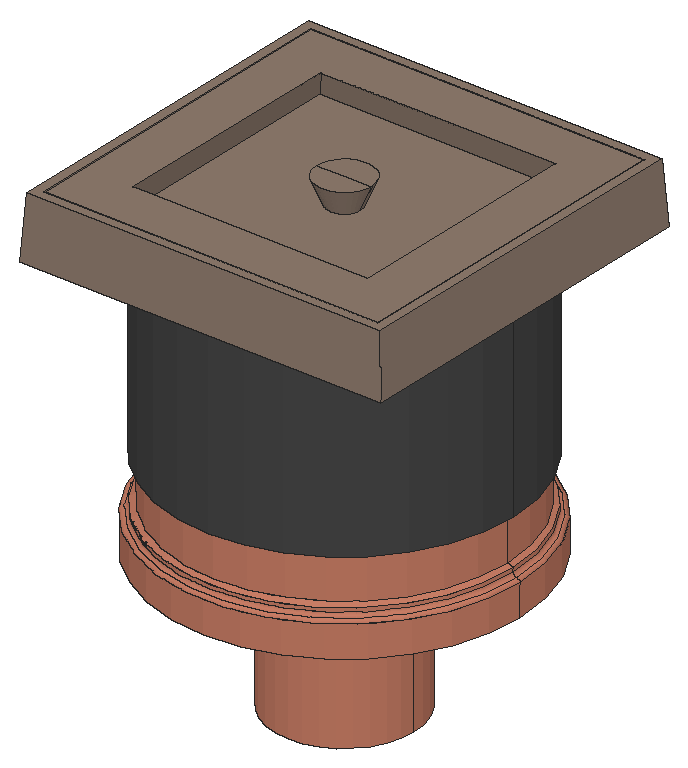
Revit family
Parameters (values of type "4200S02")
  Weight (lb) = 9.73
  Warranty = "1 year material and workmanship"  # constant formula
  URL = "http://www.jrsmith.com"
  Technical and Installation = "http://www.jrsmith.com/products/cleanout/tech_data_index.htm"
  SmartBIM Object Version = 3  # constant formula
  SmartBIM Object Created By = "Reed Construction Data"  # constant formula
  Product URL = "http://www.jrsmith.com/products/cleanout/submittal/d4200.pdf"
  Pipe Radius = Pipe Diameter / 2  # 1"
  Pipe Diameter = 2"
  OmniClass Title = "Facility Drainage Piping Cleanouts"  # constant formula
  OmniClass Code = "22-22 13 19 13"  # constant formula
  No Hub = yes
  Model = "4200"  # constant formula
  Material Finish = Duco Coated
  Material = Cast Iron
  Manufacturer = "Jay R. Smith Mfg. Co. "  # constant formula
  Floor Offset = 0"
  Description = "Duco cast iron cleanout with square adjustable secured nickel flashing flange"  # constant formula
  Default Elevation = 0"
  Connection Type = ""
  Assembly Code = "D2030400"
  Adjustable Height = 3 3/16"
  95 CSI = "15155"  # constant formula
  04 CSI = "22 13 19"  # constant formula
Types (4): name | Weight (lb) | Pipe Radius | Pipe Diameter
  4200S03 | 9.45 | 1 1/2" | 3"
  4200S02 | 9.73 | 1" | 2"
  4200S04 | 9.21 | 2" | 4"
  4200S05 | 8.94 | 2 1/2" | 5"
Reference planes (in)
  plane 1 "Center (Front/Back)": y = 0.875
  plane 2: z = 0
  plane 3 "Center (Left/Right)": x = 0
Text (in)
  text "Jay R. Smith Mfg. Co." at (-5.33957, 0, -12.84161), in view "Front"
Dimensions and locks (in)
  "Floor Offset": level to nested 1
  aligned and locked: plane 1 "Center (Front/Back)" to nested 1
Nested families (in)
  nested 1: "4200" at (0, 0, -0.05779), type "3" Diameter Outlet"
    with Floor Offset 0", Adjustable Height 3 3/16"
Connectors (in)
  piping at (0, 0.875, -8.03512), driven by "Pipe Radius"
    settings: on nested 1, index 1
Definition of nested family "4200"
  Parameters (values of type "3" Diameter Outlet")
    Weight (lb) = 0
    Warranty = "1 year material and workmanship"  # constant formula
    URL = "http://www.jrsmith.com"
    Technical and Installation = "http://www.jrsmith.com/products/floor/tech_data_index.htm"
    SmartBIM Object Version = 3  # constant formula
    SmartBIM Object Created By = "Reed Construction Data"  # constant formula
    Product URL = "http://www.jrsmith.com/products/floor/submittal/d2710.pdf"
    Pipe Radius = Pipe Diameter / 2  # 1"
    Pipe Diameter = 2"
    Pipe = Copper Satin
    OmniClass Title = "Sanitary Drains"  # constant formula
    OmniClass Code = "22-22 13 19 13"  # constant formula
    Model = "2810"  # constant formula
    Material Finish = Duco Coated
    Material = Cast Iron
    Manufacturer = "Jay R. Smith Mfg. Co. "  # constant formula
    Flow Rate = ""
    Floor Offset = 3"
    Description = "Duco cast iron cleanout with square adjustable secured nickel flashing flange"  # constant formula
    Default Elevation = 0"
    Connection Type = ""
    Assembly Code = "D2030400"
    Adjustable Height = 6"
    95 CSI = "15155"  # constant formula
    04 CSI = "22 13 19"  # constant formula
  Reference planes (in)
    plane 1 "Center (Front/Back)": y = 0.875
    plane 2: z = 0
    plane 3 "Center (Left/Right)": x = 0
    plane 4: x = -6
    plane 5: x = 6
    plane 6: x = -18
    plane 7: x = 18
    plane 8: y = 7
    plane 9: y = -5.25
    plane 10: z = -6.87012
    plane 11: z = -0.99512
    plane 12: z = 0.05779
    plane 13: z = -0.87012
  Forms (in)
    Revolve 1, solid, material "Duco Coated" <- "Material Finish", detail levels medium+fine
      sketch origin (0, 0.875, -3.93487) x (1, 0, 0) y (0, 0, 1)
        loop
          line (2.91954, 3.32853) -> (2.56537, 3.32853) -> (2.56537, -2.93525) -> (2.91954, -2.93525) -> (2.91954, 3.32853)
        axis (0, -2.93525) -> (0, 3.32853)
      angle from 0 to 360
    Revolve 2, solid, material "Copper Satin" <- "Pipe", detail levels medium+fine
      sketch origin (0, 0.875, -3.93487) x (1, 0, 0) y (0, 0, 1)
        loop
          line (2.60799, -4.18525) -> (1, -4.18525) -> (1, -6.85496) -> (1.202, -6.85496) -> (1.202, -4.44566) -> (3.03236, -4.44566) -> (3.03236, -3.90597)
          arc (3.03236, -3.90597) -> (3.00849, -3.86895) -> (2.96685, -3.85456) r 0.06745
          arc (2.96685, -3.85456) -> (2.92237, -3.83614) -> (2.90395, -3.79166) r 0.0629
          line (2.90395, -3.79166) -> (2.90395, -3.7265) -> (2.81413, -3.67465) -> (2.81413, -2.93525) -> (2.60799, -2.93525) -> (2.60799, -4.18525)
        axis (0, -6.85496) -> (0, -2.93525)
      angle from 0 to 360
    Sweep 3, solid, material "Cast Iron" <- "Material", detail levels medium+fine
      path origin (0, 0, 0) x (1, 0, 0) y (0, 1, 0)
        loop
          line (3.1691, 0.875) -> (3.1691, 4.05138) -> (-3.17558, 4.05138) -> (-3.17558, -2.29237) -> (3.1691, -2.29237) -> (3.1691, 0.875)
      profile origin (3.1691, 2.46319, 0) x (-1, 0, 0) y (0, 0, 1)
        loop
          line (0.07003, -0.87045) -> (0.23304, -0.87045) -> (0.24955, -0.60634) -> (0.86147, -0.60634) -> (0.85278, -0.44119) -> (0.33298, -0.44119) -> (0.3003, 0.18279) -> (0.13588, 0.18279) -> (0.07003, -0.87045)
    Revolve 4, solid
      sketch origin (0, 0.875, 0) x (1, 0, 0) y (0, 0, 1)
        loop
          line (2.34278, -0.60832) -> (2.34278, -0.7401) -> (2.78191, -0.7401) -> (2.91108, -0.81468) -> (2.81447, -0.87045) -> (3.09539, -0.87045) -> (3.08364, -0.67219)
          arc (3.08364, -0.67219) -> (3.06243, -0.62681) -> (3.01588, -0.60832) r 0.06788
          line (3.01588, -0.60832) -> (2.34278, -0.60832)
        axis (0, -0.87045) -> (0, -0.60832)
      angle from 0 to 360
    Sweep 5, solid, material "Cast Iron" <- "Material", detail levels medium+fine
      path origin (0, 0, 0) x (1, 0, 0) y (0, 1, 0)
        loop
          line (2.87881, -2.00209) -> (2.87881, 3.76109) -> (-2.88529, 3.76109) -> (-2.88529, -2.00209) -> (2.87881, -2.00209)
      profile origin (2.87881, 0.8795, 0) x (-1, 0, 0) y (0, 0, 1)
        loop
          line (0.74961, -0.23883) -> (0.86125, 0.18279) -> (0.01766, 0.18279) -> (0.10372, -0.44365) -> (0.50154, -0.44365) -> (2.785, -0.44365) -> (2.78502, -0.23883) -> (0.74961, -0.23883)
    Revolve 6, solid, material "Cast Iron" <- "Material", detail levels medium+fine
      sketch origin (0, 0.875, 0) x (1, 0, 0) y (0, 0, 1)
        loop
          line (0.27434, -0.27377) -> (0.46584, 0.18279) -> (0, 0.18279) -> (0, -0.27377) -> (0.27434, -0.27377)
        axis (0, -0.27377) -> (0, 0.18279)
      angle from 0 to 360
  Cuts and joins
    joined: Sweep 3, Sweep 5, Revolve 6
  Lines and regions (in)
    model lines, detail levels coarse
      curve 1: line (-3.00197, 0.875, -3.09846) -> (3.00197, 0.875, -3.09846)
      curve 2: line (0, 0.875, -3.09846) -> (0, 0.875, -11.19976)
  Text (in)
    text "Jay R. Smith Mfg. Co." at (-5.33957, 0, -12.84161), in view "Front"
  Dimensions and locks (in)
    equal spacing: plane 4, plane 3 "Center (Left/Right)", plane 5
    equal spacing: plane 9, plane 1 "Center (Front/Back)", plane 8
    plane 11 to plane 10 = 5 7/8"
    "Pipe Radius": Revolve 2 sketch curve to plane 3 "Center (Left/Right)"
    locked: Revolve 2 sketch curve to Revolve 2 sketch curve at 0.202
    Revolve 2 sketch curve to Revolve 2 sketch curve to plane 3 "Center (Left/Right)" = 0.42437" locked, 2.60799" locked
    locked: level to plane 13 at 0.87012
    "Adjustable Height": Revolve 1 sketch curve to plane 13
    Revolve 2 sketch curve to Revolve 2 sketch curve to Revolve 2 sketch curve to Revolve 2 sketch curve to Revolve 2 sketch curve to Revolve 2 sketch curve to Revolve 2 sketch curve = 0.73939" locked, 0.05186" locked, 0.12806" locked, 0.05141" locked, 0.53969" locked, 2.4093" locked
    "Adjustable Height": plane 13 to plane 10
    aligned and locked: plane 3 "Center (Left/Right)" to Revolve 2 sketch curve
    aligned and locked: plane 3 "Center (Left/Right)" to Revolve 1 sketch curve
    aligned and locked: plane 3 "Center (Left/Right)" to Revolve 4 sketch curve
    aligned and locked: plane 3 "Center (Left/Right)" to Revolve 6 sketch curve
    aligned and locked: Revolve 1 sketch curve to cut or joined group of Sweep 3, Sweep 5, Revolve 6
    aligned and locked: Revolve 2 sketch curve to plane 10
  Automatic sketch dimensions
    curve 2 to plane 3 "Center (Left/Right)" = 0"
    plane 4 to curve 1 = 2.99803"
    plane 5 to curve 1 = 2.99803"
    curve 2 to plane 10 = 4.32964"
    curve 1 to plane 11 = 2.10334"
    Sweep 3 sketch curve to plane 1 "Center (Front/Back)" = 0"
    plane 4 to Sweep 3 sketch curve = 2.82442"
    plane 5 to Sweep 3 sketch curve = 2.8309"
    Sweep 3 sketch curve to plane 9 = 2.95763"
    plane 8 to Sweep 3 sketch curve = 2.94862"
    Sweep 3 sketch curve to profile plane = 0.07003"
    level to Sweep 3 sketch curve = 0.18279"
    Sweep 3 sketch curve to profile plane = 0.13588"
    Sweep 3 sketch curve to Sweep 3 sketch curve = 0.16301"
    Sweep 3 sketch curve to Sweep 3 sketch curve = 0.01651"
    Sweep 3 sketch curve to Sweep 3 sketch curve = 0.16442"
    Sweep 3 sketch curve to Sweep 3 sketch curve = 0.08343"
    Sweep 3 sketch curve to profile plane = 0.85278"
    Sweep 3 sketch curve to profile plane = 0.86147"
    Sweep 3 sketch curve to level = 0.44119"
    Sweep 3 sketch curve to Sweep 3 sketch curve = 0.16515"
    Sweep 3 sketch curve to Sweep 3 sketch curve = 0.26411"
    Revolve 4 sketch curve to level = 0.60832"
    plane 3 "Center (Left/Right)" to Revolve 4 sketch curve = 2.34278"
    Revolve 4 sketch curve to Revolve 4 sketch curve = 0.43913"
    Revolve 4 sketch curve to Revolve 4 sketch curve = 0.03256"
    Revolve 4 sketch curve to level = 0.81468"
    Revolve 4 sketch curve to Revolve 4 sketch curve = 0.09661"
    Revolve 4 sketch curve to Revolve 4 sketch curve = 0.1048"
    Revolve 4 sketch curve to Revolve 4 sketch curve = 0.06776"
    Revolve 4 sketch curve to Revolve 4 sketch curve = 0.18431"
    Revolve 4 sketch curve to Revolve 4 sketch curve = 0.05578"
    Revolve 4 sketch curve to Revolve 4 sketch curve = 0.13178"
    Revolve 4 sketch curve to Revolve 4 sketch curve = 0.06788"
    Revolve 4 sketch curve to level = 0.31721"
    level to Revolve 4 sketch curve = 1.02784"
    Sweep 5 sketch curve to plane 3 "Center (Left/Right)" = 2.88529"
    plane 3 "Center (Left/Right)" to Sweep 5 sketch curve = 2.87881"
    plane 1 "Center (Front/Back)" to Sweep 5 sketch curve = 2.87709"
    Sweep 5 sketch curve to plane 1 "Center (Front/Back)" = 2.88609"
    level to Sweep 5 sketch curve = 0.18279"
    Sweep 5 sketch curve to profile plane = 0.01766"
    Sweep 5 sketch curve to profile plane = 0.10372"
    Sweep 5 sketch curve to profile plane = 0.50154"
    Sweep 5 sketch curve to profile plane = 0.74961"
    Sweep 5 sketch curve to profile plane = 0.86125"
    Sweep 5 sketch curve to Sweep 5 sketch curve = 0.20482"
    Sweep 5 sketch curve to Sweep 5 sketch curve = 0"
    Sweep 5 sketch curve to level = 0.23883"
    Sweep 5 sketch curve to Sweep 5 sketch curve = 1.92376"
    Revolve 6 sketch curve to plane 3 "Center (Left/Right)" = 0"
    plane 3 "Center (Left/Right)" to Revolve 6 sketch curve = 0.27434"
    level to Revolve 6 sketch curve = 0.18279"
    plane 3 "Center (Left/Right)" to Revolve 6 sketch curve = 0.46584"
    Revolve 6 sketch curve to level = 0.27377"
    Revolve 6 sketch curve to Revolve 6 sketch curve = 1/4"
    Revolve 6 sketch curve to Revolve 6 sketch curve = 123/256"
    plane 3 "Center (Left/Right)" to Revolve 1 sketch curve = 2.56537"
    Revolve 1 sketch curve to Revolve 1 sketch curve = 0.35417"
    Revolve 1 sketch curve to plane 10 = 0.346"
    plane 12 to Revolve 1 sketch curve = 0.56979"
    Revolve 2 sketch curve to Revolve 2 sketch curve = 0.20613"
    Revolve 2 sketch curve to Revolve 2 sketch curve = 0.08982"
    Revolve 2 sketch curve to Revolve 2 sketch curve = 0.0629"
    Revolve 2 sketch curve to Revolve 2 sketch curve = 0.26324"
    Revolve 2 sketch curve to Revolve 2 sketch curve = 0"
    Revolve 2 sketch curve to plane 10 = 0.06475"
    plane 12 to Revolve 2 sketch curve = 0.04249"
